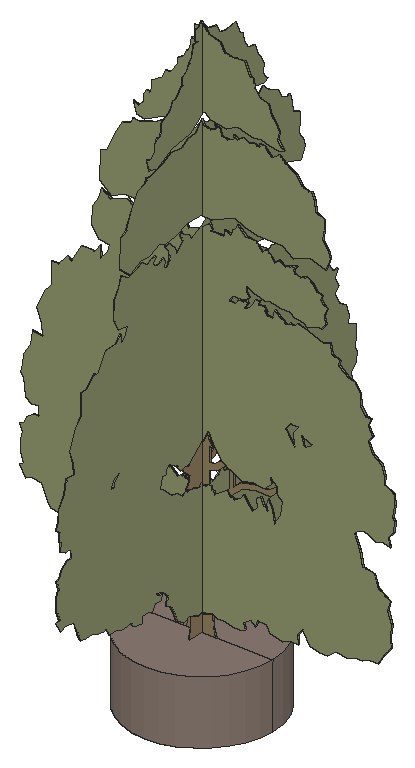
Revit family "L-PLT_가이즈까향나무", category 수목, Revit 2019
Family settings
  OmniClass 번호 = 23.40.05.00
  OmniClass 제목 = Plants and Planting Products
  작업 기준면 기반 = 아니오
  항상 수직 = 예
  로드될 때 보이드를 사용하여 절단 = 아니오
  렌더 모양 소스 = 패밀리 형상
  공유 = 아니오
Parameters (values of type "가이즈까향나무 5.0H X 15B")
  한국산업규격KS = ""
  콘 높이 = 뿌리분 직경 / 4  # 272.5 mm
  조달청표준공사코드-세부공종 = "10161599202809"
  뿌리분 직경 = (24 mm + ((R / 10) - 3 mm) * 5) * 10  # 1090 mm
  뿌리분 높이 = 뿌리분 직경 / 2  # 545 mm
  높이 = 5000 mm
  건설정보분류체계-부위분류 = "E985"
  R = 200 mm
  LIM_INFO_주의사항 = "재배포, 재가공, 판매 금지"
  LIM_INFO_제작일 = "20211210"
  LIM_INFO_버전 = "2022_V01"
  LIM_INFO_PL_학명 = "Juniperus chinensis var. Kaizuka Sieb."
  LIM_INFO_PL_품명 = "가이즈까향나무"
  LIM_INFO_PL_주당인정수량 = 0
  LIM_INFO_PL_수목단위 = "주"
  LIM_INFO_PL_규격 = "5.0H X 15B"
  LIM_INFO_PL_구분 = "상록교목"
  LIM_INFO_PL_가격 = 0
  LIM_INFO_PL_Qty [instance] = 0
  LIM_INFO_PL_M2당수량 = 0
  KBIMS_식별-버전 = ""
  KBIMS_식별-bSK등록번호 = ""
  KBIMS_보급정보-저작자 = "림인포테크_MMJ"
  KBIMS_보급정보-보급코드 = ""
  H = 높이  # 5000 mm
Types (5, lengths in mm): name | 높이 | LIM_INFO_PL_규격 | H
  가이즈까향나무 5.0H X 15B | 5000 | "5.0H X 15B" | 5000
  가이즈까향나무 4.0H X 8B | 4000 | "4.0H X 8B" | 4000
  가이즈까향나무 3.0H X 5B | 3000 | "3.0H X 5B" | 3000
  가이즈까향나무 2.5H X 4B | 2500 | "2.5H X 4.0B" | 2500
  가이즈까향나무 3.5H X 6B | 3500 | "3.5H X 6B" | 3500
Reference planes
  plane 1 "중심(앞/뒤)": y = 0
  plane 2: z = 0
  plane 3 "중심(왼쪽/오른쪽)": x = 0
  plane 4: x = 482.5
  plane 5: x = -607.5
  plane 6: z = -545
  plane 7: z = -817.5
  plane 8: z = 5000
  plane 9: x = -100
  plane 10: x = 100
Forms (mm)
  Revolve 1, solid, material "흙"
    sketch origin (0, 0, 0) x (1, 0, 0) y (0, 0, 1)
      loop
        line (0, 0) -> (-607.5, 0) -> (-607.5, -545) -> (0, -545) -> (0, 0)
      axis (0, 0) -> (0, -545)
    angle from 0 to 360
  Revolve 2, solid, material "흙"
    sketch origin (0, 0, 0) x (1, 0, 0) y (0, 0, 1)
      loop
        line (0, -545) -> (-607.5, -545) -> (0, -817.5) -> (0, -545)
      axis (0, -545) -> (0, -817.5)
    angle from 0 to 360
Dimensions and locks
  "뿌리분 직경": plane 4 to plane 5
  "뿌리분 높이": plane 6 to level
  "콘 높이": plane 7 to plane 6
  "H": level to plane 8
  "R": plane 9 to plane 10
  aligned and locked: level to plane 2
Automatic sketch dimensions
  Revolve 1 sketch curve to level = 0 mm  (x2)
  Revolve 1 sketch curve to plane 5 = 0 mm
  Revolve 1 sketch curve to plane 3 "중심(왼쪽/오른쪽)" = 0 mm  (x2)
  Revolve 1 sketch curve to plane 6 = 0 mm  (x2)
  Revolve 2 sketch curve to plane 5 = 0 mm
  Revolve 2 sketch curve to plane 3 "중심(왼쪽/오른쪽)" = 0 mm  (x2)
  Revolve 2 sketch curve to plane 7 = 0 mm  (x2)
  Revolve 2 sketch curve to plane 6 = 0 mm  (x2)
Nested families
  nested 1: "가이즈까향나무_base" at (0, 0, 0), type "가이즈까향나무_base"
Definition of nested family "가이즈까향나무_base"
  Parameters (values of type "가이즈까향나무_base")
    Height = 6000 mm
  Reference planes
    plane 1 "중심(앞/뒤)": y = 0
    plane 2: z = 0
    plane 3 "중심(왼쪽/오른쪽)": x = 0
  Forms (mm)
    Revolve 1, solid, detail levels coarse
      sketch origin (0, 0, 0) x (1, 0, 0) y (0, 0, 1)
        loop
          line (0, 0) -> (0, 4500) -> (-585.248, 3777.279) -> (-493.51, 3732.535) -> (-992.845, 2708.747) -> (-890.865, 2659.009) -> (-1427.578, 1558.585) -> (-1293.09, 1506.96) -> (-1622.789, 648.066) -> (-100, 648.066) -> (-100, 0) -> (0, 0)
        axis (0, 4500) -> (0, 0)
      angle from 0 to 360
    Extrusion 2, solid, detail levels fine
      sketch origin (0, 0, 0) x (1, 0, 0) y (0, 0, 1)
        loop
          line (370.261, 4474.127) -> (275.795, 4461.774) -> (199.87, 4475.892) -> (163.672, 4540.305) -> (70.09, 4561.482) -> (-0.288, 4648.509) -> (-18.288, 4611.676) -> (-57.666, 4599.307) -> (-57.11, 4521.587) -> (-37.484, 4501.972) -> (-80.662, 4496.927) -> (-95.242, 4409.497) -> (-126.084, 4382.035) -> (-149.635, 4327.11) -> (-195.618, 4299.648) -> (-199.543, 4247.526) -> (-260.105, 4169.623) -> (-299.919, 4166.821) -> (-325.153, 4105.732) -> (-421.628, 4046.901) -> (-421.069, 3999.413) -> (-429.454, 3956.395) -> (-462.434, 3956.395) -> (-489.824, 3917.288) -> (-488.706, 3857.51) -> (-530.63, 3825.665) -> (-573.671, 3839.073) -> (-557.461, 3777.619) -> (-550.194, 3746.892) -> (-475.291, 3733.484) -> (-313.186, 3815.05) -> (-126.486, 3844.101) -> (-47.67, 3892.148) -> (34.5, 3964.775) -> (78.66, 3921.757) -> (218.405, 3903.321) -> (306.904, 3950.955) -> (375.1, 3923.515) -> (449.496, 3918.204) -> (514.149, 3926.17) -> (578.803, 3902.27) -> (658.513, 3886.337) -> (706.338, 3904.041) -> (677.997, 3930.596) -> (650.542, 3973.97) -> (666.484, 4035.932) -> (632.828, 4099.665) -> (596.272, 4137.061) -> (572.435, 4215.592) -> (492.978, 4233.239) -> (451.483, 4295.005) -> (442.655, 4358.536) -> (412.638, 4375.301) -> (370.261, 4474.127)
        loop
          line (939.833, 3678.675) -> (916.325, 3667.831) -> (853.94, 3691.326) -> (815.062, 3761.81) -> (721.032, 3809.703) -> (664.071, 3859.403) -> (605.302, 3816.932) -> (569.137, 3852.174) -> (535.835, 3885.156) -> (501.038, 3886.071) -> (507.448, 3849.463) -> (455.254, 3869.597) -> (400.312, 3859.53) -> (357.274, 3882.41) -> (314.237, 3854.954) -> (277.609, 3875.089) -> (281.272, 3837.566) -> (228.161, 3824.753) -> (174.135, 3832.074) -> (162.231, 3877.834) -> (112.784, 3897.968) -> (128.35, 3870.513) -> (81.65, 3847.633) -> (25.793, 3866.852) -> (7.479, 3898.884) -> (-46.993, 3816.019) -> (-132.796, 3809.633) -> (-196.691, 3767.668) -> (-317.179, 3785.001) -> (-410.284, 3733.913) -> (-531.686, 3698.334) -> (-580.976, 3704.72) -> (-587.366, 3666.403) -> (-668.604, 3641.772) -> (-734.325, 3529.56) -> (-805.523, 3384.505) -> (-848.424, 3365.347) -> (-862.235, 3133.957) -> (-763.056, 3052.111) -> (-645.679, 3105.766) -> (-557.419, 3097.581) -> (-436.402, 3146.689) -> (-383.628, 3111.222) -> (-278.08, 3128.501) -> (-137.956, 3170.333) -> (96.798, 3167.605) -> (285.146, 3253.089) -> (376.136, 3203.981) -> (481.684, 3181.246) -> (696.42, 3183.065) -> (789.23, 3115.769) -> (922.985, 3173.061) -> (1058.559, 3126.682) -> (1096.775, 3218.531) -> (1083.127, 3270.367) -> (1033.992, 3344.029) -> (1044.713, 3433.788) -> (1045.617, 3499.754) -> (973.286, 3535.9) -> (965.149, 3614.516) -> (939.833, 3678.675)
        loop
          line (-1205.138, 2379.796) -> (-1268.067, 2376.652) -> (-1266.494, 2197.401) -> (-1329.423, 2129.789) -> (-1392.353, 1983.558) -> (-1351.448, 1875.064) -> (-1340.436, 1782.294) -> (-1430.11, 1791.728) -> (-1448.565, 1677.796) -> (-1507.389, 1587.649) -> (-1512.291, 1500.44) -> (-1534.84, 1440.668) -> (-1504.448, 1414.212) -> (-1491.702, 1267.232) -> (-1437.78, 1232.937) -> (-1380.917, 1237.836) -> (-1375.034, 1164.346) -> (-1417.192, 1162.386) -> (-1481.575, 1113.416) -> (-1501.903, 1064.073) -> (-1535.784, 1052.463) -> (-1515.456, 987.641) -> (-1532.88, 930.559) -> (-1533.848, 828.004) -> (-1505.775, 746.734) -> (-1538.916, 740.177) -> (-1484.878, 654.342) -> (-1442.42, 670.738) -> (-1349.784, 660.129) -> (-1301.536, 537.646) -> (-1277.412, 498.105) -> (-1220.48, 485.567) -> (-1159.687, 490.389) -> (-1085.385, 460.492) -> (-1028.453, 450.848) -> (-1000.469, 471.101) -> (-997.574, 450.848) -> (-973.45, 407.448) -> (-895.794, 413.758) -> (-843.646, 389.232) -> (-793.032, 390.764) -> (-748.553, 401.495) -> (-724.012, 364.705) -> (-681.067, 344.777) -> (-630.452, 337.112) -> (-627.385, 393.83) -> (-561.433, 401.495) -> (-523.089, 373.902) -> (-492.413, 432.154) -> (-434.13, 432.154) -> (-418.793, 470.477) -> (-460.204, 475.076) -> (-484.745, 505.734) -> (-420.326, 495.004) -> (-358.976, 435.219) -> (-369.712, 364.705) -> (-322.165, 335.579) -> (-296.091, 284.992) -> (-263.882, 200.681) -> (-184.126, 153.161) -> (-118.174, 176.154) -> (-84.431, 157.759) -> (-27.682, 143.963) -> (100.498, 176.909) -> (137.834, 152.033) -> (188.572, 152.033) -> (268.03, 135.767) -> (328.342, 130.026) -> (374.294, 146.292) -> (361.848, 198.916) -> (420.245, 237.188) -> (464.282, 205.614) -> (483.429, 252.497) -> (553.085, 246.067) -> (578.994, 195.8) -> (696.347, 169.906) -> (743.592, 195.8) -> (825.891, 194.277) -> (821.319, 265.869) -> (860.945, 320.705) -> (924.955, 223.218) -> (1005.73, 194.277) -> (1072.789, 197.324) -> (1138.323, 252.16) -> (1237.387, 238.451) -> (1305.969, 261.299) -> (1374.552, 265.869) -> (1417.225, 290.24) -> (1504.097, 290.24) -> (1558.963, 372.494) -> (1616.877, 442.563) -> (1606.208, 521.77) -> (1618.401, 620.78) -> (1586.396, 721.312) -> (1604.684, 789.857) -> (1507.145, 861.449) -> (1469.043, 955.889) -> (1374.552, 980.26) -> (1348.643, 1099.072) -> (1299.228, 1213.579) -> (1343.216, 1239.351) -> (1376.586, 1256.026) -> (1429.674, 1230.255) -> (1484.279, 1204.483) -> (1532.817, 1224.191) -> (1605.624, 1207.515) -> (1588.939, 1271.186) -> (1635.961, 1330.31) -> (1646.578, 1415.205) -> (1628.377, 1444.008) -> (1643.545, 1537.999) -> (1642.028, 1622.895) -> (1554.053, 1662.31) -> (1560.12, 1727.497) -> (1534.334, 1812.393) -> (1456.977, 1866.968) -> (1419.962, 1947.938) -> (1456.943, 1993.429) -> (1420.91, 2069.248) -> (1446.513, 2130.85) -> (1397.204, 2130.85) -> (1354.532, 2199.087) -> (1351.688, 2292.912) -> (1300.482, 2360.201) -> (1255.914, 2375.365) -> (1170.572, 2437.915) -> (1177.21, 2474.877) -> (1109.884, 2505.204) -> (1097.557, 2580.075) -> (1030.231, 2557.329) -> (870.729, 2617.621) -> (821.213, 2630.43) -> (790.921, 2605.976) -> (753.638, 2611.217) -> (728.006, 2587.928) -> (681.986, 2622.861) -> (626.062, 2664.781) -> (611.498, 2604.812) -> (563.73, 2605.394) -> (542.175, 2632.759) -> (564.312, 2633.341) -> (536.35, 2664.781) -> (485.669, 2657.794) -> (497.902, 2688.07) -> (461.202, 2688.07) -> (436.735, 2644.986) -> (399.453, 2594.914) -> (367.413, 2593.75) -> (397.122, 2632.177) -> (390.715, 2658.959) -> (363.335, 2642.074) -> (320.432, 2640.835) -> (292.522, 2598.992) -> (239.723, 2604.187) -> (272.951, 2650.311) -> (312.64, 2650.311) -> (358.789, 2652.156) -> (411.4, 2687.211) -> (383.71, 2725.033) -> (383.71, 2763.777) -> (450.166, 2737.025) -> (536.927, 2708.428) -> (575.693, 2722.265) -> (613.536, 2708.428) -> (685.529, 2700.126) -> (753.831, 2700.126) -> (790.751, 2665.071) -> (832.285, 2664.149) -> (873.82, 2660.459) -> (902.433, 2631.861) -> (977.196, 2663.226) -> (1027.037, 2664.149) -> (1057.496, 2708.428) -> (1044.574, 2765.622) -> (1072.264, 2832.042) -> (1043.651, 2852.336) -> (1018.73, 2880.934) -> (1027.96, 2914.143) -> (980.888, 2934.438) -> (952.275, 2977.795) -> (894.126, 3014.695) -> (850.745, 2993.477) -> (790.751, 3001.78) -> (787.982, 3034.067) -> (819.364, 3065.432) -> (767.676, 3052.517) -> (717.834, 3029.455) -> (667.069, 3059.897) -> (623.689, 3026.687) -> (605.229, 3058.052) -> (554.464, 3102.331) -> (521.236, 3074.656) -> (461.242, 3134.618) -> (380.018, 3141.998) -> (310.794, 3203.805) -> (294.205, 3168.751) -> (267.48, 3151.934) -> (258.572, 3100.493) -> (244.715, 3115.332) -> (202.154, 3129.181) -> (204.134, 3072.794) -> (163.552, 3080.708) -> (83.38, 3078.73) -> (96.247, 3091.59) -> (73.482, 3132.149) -> (8.156, 3083.676) -> (-74.152, 3046.323) -> (-104.186, 3036.844) -> (-131.059, 3074.761) -> (-194.289, 3107.938) -> (-206.935, 3133.216) -> (-219.581, 3109.518) -> (-194.289, 3049.483) -> (-260.68, 2981.548) -> (-276.488, 3043.163) -> (-334.976, 3098.459) -> (-376.075, 3090.56) -> (-342.879, 3049.483) -> (-338.137, 2984.708) -> (-357.106, 2923.092) -> (-401.367, 2948.37) -> (-388.721, 2983.128) -> (-396.625, 3014.725) -> (-445.628, 2991.027) -> (-483.566, 2997.347) -> (-512.019, 3024.205) -> (-481.985, 3068.441) -> (-523.085, 3065.282) -> (-570.507, 3040.003) -> (-622.672, 3077.921) -> (-679.578, 3054.222) -> (-766.52, 3027.364) -> (-843.976, 3079.5) -> (-872.43, 2995.767) -> (-916.691, 2918.352) -> (-926.175, 2773.003) -> (-872.43, 2682.95) -> (-777.282, 2668.333) -> (-796.221, 2611.547) -> (-848.303, 2546.875) -> (-856.194, 2639.94) -> (-895.65, 2584.732) -> (-1010.862, 2581.577) -> (-1095.011, 2434.829) -> (-1134.342, 2459.987) -> (-1205.138, 2379.796)
        loop
          line (762.119, 1854.114) -> (715.051, 1796.121) -> (792.573, 1688.802) -> (789.78, 1794.895) -> (833.267, 1854.114) -> (762.119, 1854.114)
        loop
          line (-850.97, 1596.539) -> (-932.509, 1573.289) -> (-962.386, 1517.498) -> (-912.07, 1490.552) -> (-912.07, 1528.276) -> (-850.97, 1596.539)
        loop
          line (875.013, 1705.097) -> (957.804, 1749.926) -> (857.765, 1794.754) -> (875.013, 1705.097)
        loop
          line (-246.379, 1160.2) -> (-197.028, 1118.992) -> (-162.044, 1139.596) -> (-101.449, 1125.236) -> (-65.841, 1122.114) -> (-48.974, 1113.373) -> (-28.359, 1113.373) -> (1.002, 1132.728) -> (17.869, 1119.617) -> (55.351, 1140.22) -> (87.835, 1138.347) -> (87.835, 1112.124) -> (110.324, 1112.749) -> (114.318, 1079.85) -> (192.392, 1130.809) -> (224.259, 1159.473) -> (246.566, 1119.661) -> (286.4, 1108.514) -> (340.573, 1130.809) -> (364.474, 1172.213) -> (393.154, 1124.439) -> (436.174, 1076.665) -> (483.975, 1108.514) -> (472.821, 1181.768) -> (509.468, 1205.655) -> (533.369, 1143.549) -> (570.016, 1116.477) -> (554.082, 1164.251) -> (571.609, 1210.433) -> (606.663, 1141.956) -> (627.376, 1040.038) -> (678.363, 1124.439) -> (689.517, 1229.542) -> (646.496, 1272.539) -> (649.683, 1336.238) -> (592.322, 1380.828) -> (598.696, 1336.238) -> (530.182, 1277.317) -> (436.174, 1296.426) -> (342.167, 1272.539) -> (182.832, 1350.571) -> (128.658, 1423.824) -> (104.758, 1471.599) -> (61.738, 1552.815) -> (10.853, 1446.821) -> (-124.33, 1341.96) -> (-215.125, 1320.787) -> (-266.575, 1384.308) -> (-339.211, 1429.681) -> (-372.502, 1401.449) -> (-372.502, 1363.134) -> (-422.944, 1363.134) -> (-438.786, 1274.457) -> (-402.554, 1258.848) -> (-315.096, 1178.306) -> (-246.379, 1160.2)
      from 0 to 5
    Extrusion 3, solid, detail levels fine
      sketch origin (0, 0, 0) x (1, 0, 0) y (0, 0, 1)
        loop
          line (-124.345, 1194.073) -> (-153.097, 1145.734) -> (-99.103, 1131.534) -> (-64.041, 1130.311) -> (-45.286, 1119.307) -> (-31.016, 1118.084) -> (-0.031, 1141.315) -> (19.131, 1127.458) -> (68.949, 1152.306) -> (72.07, 1256.297) -> (134.487, 1276.056) -> (205.365, 1333.088) -> (179.747, 1346.502) -> (166.327, 1361.543) -> (111.17, 1317.608) -> (73.643, 1321.489) -> (76.231, 1433.383) -> (89.171, 1430.796) -> (96.289, 1447.612) -> (69.761, 1481.245) -> (60.056, 1531.694) -> (17.352, 1443.731) -> (-123.698, 1330.544) -> (-117.875, 1309.2) -> (-159.284, 1325.37) -> (-191.635, 1317.608) -> (-176.106, 1285.916) -> (-124.345, 1243.875) -> (-124.345, 1194.073)
        loop
          line (280.265, 1204.835) -> (278.68, 1298.315) -> (239.562, 1318.21) -> (245.903, 1175.304) -> (227.591, 1159.567) -> (249.369, 1122.599) -> (352.508, 1212.144) -> (470.849, 1235.969) -> (590.835, 1238.022) -> (642.61, 1283.206) -> (645.075, 1329.622) -> (585.493, 1285.67) -> (545.224, 1284.027) -> (527.144, 1270.472) -> (465.508, 1283.617) -> (341.824, 1257.739) -> (280.265, 1204.835)
        loop
          line (-125, 0) -> (125, 0) -> (102.721, 76.829) -> (100.694, 165.285) -> (-18.867, 135.574) -> (-81.687, 150.43) -> (-108.031, 162.584) -> (-108.706, 94.385) -> (-125, 0)
      from 0 to 5
    Extrusion 4, solid, detail levels fine
      sketch origin (-3.998, -6.002, 0) x (0, 1, 0) y (0, 0, 1)
        loop
          line (370.261, 4474.127) -> (275.795, 4461.774) -> (199.87, 4475.892) -> (163.672, 4540.305) -> (70.09, 4561.482) -> (-0.288, 4648.509) -> (-18.288, 4611.676) -> (-57.666, 4599.307) -> (-57.11, 4521.587) -> (-37.484, 4501.972) -> (-80.662, 4496.927) -> (-95.242, 4409.497) -> (-126.084, 4382.035) -> (-149.635, 4327.11) -> (-195.618, 4299.648) -> (-199.543, 4247.526) -> (-260.105, 4169.623) -> (-299.919, 4166.821) -> (-325.153, 4105.732) -> (-421.628, 4046.901) -> (-421.069, 3999.413) -> (-429.454, 3956.395) -> (-462.434, 3956.395) -> (-489.824, 3917.288) -> (-488.706, 3857.51) -> (-530.63, 3825.665) -> (-573.671, 3839.073) -> (-557.461, 3777.619) -> (-550.194, 3746.892) -> (-475.291, 3733.484) -> (-313.186, 3815.05) -> (-126.486, 3844.101) -> (-47.67, 3892.148) -> (34.5, 3964.775) -> (78.66, 3921.757) -> (218.405, 3903.321) -> (306.904, 3950.955) -> (375.1, 3923.515) -> (449.496, 3918.204) -> (514.149, 3926.17) -> (578.803, 3902.27) -> (658.513, 3886.337) -> (706.338, 3904.041) -> (677.997, 3930.596) -> (650.542, 3973.97) -> (666.484, 4035.932) -> (632.828, 4099.665) -> (596.272, 4137.061) -> (572.435, 4215.592) -> (492.978, 4233.239) -> (451.483, 4295.005) -> (442.655, 4358.536) -> (412.638, 4375.301) -> (370.261, 4474.127)
        loop
          line (939.833, 3678.675) -> (916.325, 3667.831) -> (853.94, 3691.326) -> (815.062, 3761.81) -> (721.032, 3809.703) -> (664.071, 3859.403) -> (605.302, 3816.932) -> (569.137, 3852.174) -> (535.835, 3885.156) -> (501.038, 3886.071) -> (507.448, 3849.463) -> (455.254, 3869.597) -> (400.312, 3859.53) -> (357.274, 3882.41) -> (314.237, 3854.954) -> (277.609, 3875.089) -> (281.272, 3837.566) -> (228.161, 3824.753) -> (174.135, 3832.074) -> (162.231, 3877.834) -> (112.784, 3897.968) -> (128.35, 3870.513) -> (81.65, 3847.633) -> (25.793, 3866.852) -> (7.479, 3898.884) -> (-46.993, 3816.019) -> (-132.796, 3809.633) -> (-196.691, 3767.668) -> (-317.179, 3785.001) -> (-410.284, 3733.913) -> (-531.686, 3698.334) -> (-580.976, 3704.72) -> (-587.366, 3666.403) -> (-668.604, 3641.772) -> (-734.325, 3529.56) -> (-805.523, 3384.505) -> (-848.424, 3365.347) -> (-862.235, 3133.957) -> (-763.056, 3052.111) -> (-645.679, 3105.766) -> (-557.419, 3097.581) -> (-436.402, 3146.689) -> (-383.628, 3111.222) -> (-278.08, 3128.501) -> (-137.956, 3170.333) -> (96.798, 3167.605) -> (285.146, 3253.089) -> (376.136, 3203.981) -> (481.684, 3181.246) -> (696.42, 3183.065) -> (789.23, 3115.769) -> (922.985, 3173.061) -> (1058.559, 3126.682) -> (1096.775, 3218.531) -> (1083.127, 3270.367) -> (1033.992, 3344.029) -> (1044.713, 3433.788) -> (1045.617, 3499.754) -> (973.286, 3535.9) -> (965.149, 3614.516) -> (939.833, 3678.675)
        loop
          line (-1205.138, 2379.796) -> (-1268.067, 2376.652) -> (-1266.494, 2197.401) -> (-1329.423, 2129.789) -> (-1392.353, 1983.558) -> (-1351.448, 1875.064) -> (-1340.436, 1782.294) -> (-1430.11, 1791.728) -> (-1448.565, 1677.796) -> (-1507.389, 1587.649) -> (-1512.291, 1500.44) -> (-1534.84, 1440.668) -> (-1504.448, 1414.212) -> (-1491.702, 1267.232) -> (-1437.78, 1232.937) -> (-1380.917, 1237.836) -> (-1375.034, 1164.346) -> (-1417.192, 1162.386) -> (-1481.575, 1113.416) -> (-1501.903, 1064.073) -> (-1535.784, 1052.463) -> (-1515.456, 987.641) -> (-1532.88, 930.559) -> (-1533.848, 828.004) -> (-1505.775, 746.734) -> (-1538.916, 740.177) -> (-1484.878, 654.342) -> (-1442.42, 670.738) -> (-1349.784, 660.129) -> (-1301.536, 537.646) -> (-1277.412, 498.105) -> (-1220.48, 485.567) -> (-1159.687, 490.389) -> (-1085.385, 460.492) -> (-1028.453, 450.848) -> (-1000.469, 471.101) -> (-997.574, 450.848) -> (-973.45, 407.448) -> (-895.794, 413.758) -> (-843.646, 389.232) -> (-793.032, 390.764) -> (-748.553, 401.495) -> (-724.012, 364.705) -> (-681.067, 344.777) -> (-630.452, 337.112) -> (-627.385, 393.83) -> (-561.433, 401.495) -> (-523.089, 373.902) -> (-492.413, 432.154) -> (-434.13, 432.154) -> (-418.793, 470.477) -> (-460.204, 475.076) -> (-484.745, 505.734) -> (-420.326, 495.004) -> (-358.976, 435.219) -> (-369.712, 364.705) -> (-322.165, 335.579) -> (-296.091, 284.992) -> (-263.882, 200.681) -> (-184.126, 153.161) -> (-118.174, 176.154) -> (-84.431, 157.759) -> (-27.682, 143.963) -> (100.498, 176.909) -> (137.834, 152.033) -> (188.572, 152.033) -> (268.03, 135.767) -> (328.342, 130.026) -> (374.294, 146.292) -> (361.848, 198.916) -> (420.245, 237.188) -> (464.282, 205.614) -> (483.429, 252.497) -> (553.085, 246.067) -> (578.994, 195.8) -> (696.347, 169.906) -> (743.592, 195.8) -> (825.891, 194.277) -> (821.319, 265.869) -> (860.945, 320.705) -> (924.955, 223.218) -> (1005.73, 194.277) -> (1072.789, 197.324) -> (1138.323, 252.16) -> (1237.387, 238.451) -> (1305.969, 261.299) -> (1374.552, 265.869) -> (1417.225, 290.24) -> (1504.097, 290.24) -> (1558.963, 372.494) -> (1616.877, 442.563) -> (1606.208, 521.77) -> (1618.401, 620.78) -> (1586.396, 721.312) -> (1604.684, 789.857) -> (1507.145, 861.449) -> (1469.043, 955.889) -> (1374.552, 980.26) -> (1348.643, 1099.072) -> (1299.228, 1213.579) -> (1343.216, 1239.351) -> (1376.586, 1256.026) -> (1429.674, 1230.255) -> (1484.279, 1204.483) -> (1532.817, 1224.191) -> (1605.624, 1207.515) -> (1588.939, 1271.186) -> (1635.961, 1330.31) -> (1646.578, 1415.205) -> (1628.377, 1444.008) -> (1643.545, 1537.999) -> (1642.028, 1622.895) -> (1554.053, 1662.31) -> (1560.12, 1727.497) -> (1534.334, 1812.393) -> (1456.977, 1866.968) -> (1419.962, 1947.938) -> (1456.943, 1993.429) -> (1420.91, 2069.248) -> (1446.513, 2130.85) -> (1397.204, 2130.85) -> (1354.532, 2199.087) -> (1351.688, 2292.912) -> (1300.482, 2360.201) -> (1255.914, 2375.365) -> (1170.572, 2437.915) -> (1177.21, 2474.877) -> (1109.884, 2505.204) -> (1097.557, 2580.075) -> (1030.231, 2557.329) -> (870.729, 2617.621) -> (821.213, 2630.43) -> (790.921, 2605.976) -> (753.638, 2611.217) -> (728.006, 2587.928) -> (681.986, 2622.861) -> (626.062, 2664.781) -> (611.498, 2604.812) -> (563.73, 2605.394) -> (542.175, 2632.759) -> (564.312, 2633.341) -> (536.35, 2664.781) -> (485.669, 2657.794) -> (497.902, 2688.07) -> (461.202, 2688.07) -> (436.735, 2644.986) -> (399.453, 2594.914) -> (367.413, 2593.75) -> (397.122, 2632.177) -> (390.715, 2658.959) -> (363.335, 2642.074) -> (320.432, 2640.835) -> (292.522, 2598.992) -> (239.723, 2604.187) -> (272.951, 2650.311) -> (312.64, 2650.311) -> (358.789, 2652.156) -> (411.4, 2687.211) -> (383.71, 2725.033) -> (383.71, 2763.777) -> (450.166, 2737.025) -> (536.927, 2708.428) -> (575.693, 2722.265) -> (613.536, 2708.428) -> (685.529, 2700.126) -> (753.831, 2700.126) -> (790.751, 2665.071) -> (832.285, 2664.149) -> (873.82, 2660.459) -> (902.433, 2631.861) -> (977.196, 2663.226) -> (1027.037, 2664.149) -> (1057.496, 2708.428) -> (1044.574, 2765.622) -> (1072.264, 2832.042) -> (1043.651, 2852.336) -> (1018.73, 2880.934) -> (1027.96, 2914.143) -> (980.888, 2934.438) -> (952.275, 2977.795) -> (894.126, 3014.695) -> (850.745, 2993.477) -> (790.751, 3001.78) -> (787.982, 3034.067) -> (819.364, 3065.432) -> (767.676, 3052.517) -> (717.834, 3029.455) -> (667.069, 3059.897) -> (623.689, 3026.687) -> (605.229, 3058.052) -> (554.464, 3102.331) -> (521.236, 3074.656) -> (461.242, 3134.618) -> (380.018, 3141.998) -> (310.794, 3203.805) -> (294.205, 3168.751) -> (267.48, 3151.934) -> (258.572, 3100.493) -> (244.715, 3115.332) -> (202.154, 3129.181) -> (204.134, 3072.794) -> (163.552, 3080.708) -> (83.38, 3078.73) -> (96.247, 3091.59) -> (73.482, 3132.149) -> (8.156, 3083.676) -> (-74.152, 3046.323) -> (-104.186, 3036.844) -> (-131.059, 3074.761) -> (-194.289, 3107.938) -> (-206.935, 3133.216) -> (-219.581, 3109.518) -> (-194.289, 3049.483) -> (-260.68, 2981.548) -> (-276.488, 3043.163) -> (-334.976, 3098.459) -> (-376.075, 3090.56) -> (-342.879, 3049.483) -> (-338.137, 2984.708) -> (-357.106, 2923.092) -> (-401.367, 2948.37) -> (-388.721, 2983.128) -> (-396.625, 3014.725) -> (-445.628, 2991.027) -> (-483.566, 2997.347) -> (-512.019, 3024.205) -> (-481.985, 3068.441) -> (-523.085, 3065.282) -> (-570.507, 3040.003) -> (-622.672, 3077.921) -> (-679.578, 3054.222) -> (-766.52, 3027.364) -> (-843.976, 3079.5) -> (-872.43, 2995.767) -> (-916.691, 2918.352) -> (-926.175, 2773.003) -> (-872.43, 2682.95) -> (-777.282, 2668.333) -> (-796.221, 2611.547) -> (-848.303, 2546.875) -> (-856.194, 2639.94) -> (-895.65, 2584.732) -> (-1010.862, 2581.577) -> (-1095.011, 2434.829) -> (-1134.342, 2459.987) -> (-1205.138, 2379.796)
        loop
          line (762.119, 1854.114) -> (715.051, 1796.121) -> (792.573, 1688.802) -> (789.78, 1794.895) -> (833.267, 1854.114) -> (762.119, 1854.114)
        loop
          line (-850.97, 1596.539) -> (-932.509, 1573.289) -> (-962.386, 1517.498) -> (-912.07, 1490.552) -> (-912.07, 1528.276) -> (-850.97, 1596.539)
        loop
          line (875.013, 1705.097) -> (957.804, 1749.926) -> (857.765, 1794.754) -> (875.013, 1705.097)
        loop
          line (-246.379, 1160.2) -> (-197.028, 1118.992) -> (-162.044, 1139.596) -> (-101.449, 1125.236) -> (-65.841, 1122.114) -> (-48.974, 1113.373) -> (-28.359, 1113.373) -> (1.002, 1132.728) -> (17.869, 1119.617) -> (55.351, 1140.22) -> (87.835, 1138.347) -> (87.835, 1112.124) -> (110.324, 1112.749) -> (114.318, 1079.85) -> (192.392, 1130.809) -> (224.259, 1159.473) -> (246.566, 1119.661) -> (286.4, 1108.514) -> (340.573, 1130.809) -> (364.474, 1172.213) -> (393.154, 1124.439) -> (436.174, 1076.665) -> (483.975, 1108.514) -> (472.821, 1181.768) -> (509.468, 1205.655) -> (533.369, 1143.549) -> (570.016, 1116.477) -> (554.082, 1164.251) -> (571.609, 1210.433) -> (606.663, 1141.956) -> (627.376, 1040.038) -> (678.363, 1124.439) -> (689.517, 1229.542) -> (646.496, 1272.539) -> (649.683, 1336.238) -> (592.322, 1380.828) -> (598.696, 1336.238) -> (530.182, 1277.317) -> (436.174, 1296.426) -> (342.167, 1272.539) -> (182.832, 1350.571) -> (128.658, 1423.824) -> (104.758, 1471.599) -> (61.738, 1552.815) -> (10.853, 1446.821) -> (-124.33, 1341.96) -> (-215.125, 1320.787) -> (-266.575, 1384.308) -> (-339.211, 1429.681) -> (-372.502, 1401.449) -> (-372.502, 1363.134) -> (-422.944, 1363.134) -> (-438.786, 1274.457) -> (-402.554, 1258.848) -> (-315.096, 1178.306) -> (-246.379, 1160.2)
      from 0 to 5
    Extrusion 5, solid, detail levels fine
      sketch origin (-3.998, -6.002, 0) x (0, 1, 0) y (0, 0, 1)
        loop
          line (-124.345, 1194.073) -> (-153.097, 1145.734) -> (-99.103, 1131.534) -> (-64.041, 1130.311) -> (-45.286, 1119.307) -> (-31.016, 1118.084) -> (-0.031, 1141.315) -> (19.131, 1127.458) -> (68.949, 1152.306) -> (72.07, 1256.297) -> (134.487, 1276.056) -> (205.365, 1333.088) -> (179.747, 1346.502) -> (166.327, 1361.543) -> (111.17, 1317.608) -> (73.643, 1321.489) -> (76.231, 1433.383) -> (89.171, 1430.796) -> (96.289, 1447.612) -> (69.761, 1481.245) -> (60.056, 1531.694) -> (17.352, 1443.731) -> (-123.698, 1330.544) -> (-117.875, 1309.2) -> (-159.284, 1325.37) -> (-191.635, 1317.608) -> (-176.106, 1285.916) -> (-124.345, 1243.875) -> (-124.345, 1194.073)
        loop
          line (280.265, 1204.835) -> (278.68, 1298.315) -> (239.562, 1318.21) -> (245.903, 1175.304) -> (227.591, 1159.567) -> (249.369, 1122.599) -> (352.508, 1212.144) -> (470.849, 1235.969) -> (590.835, 1238.022) -> (642.61, 1283.206) -> (645.075, 1329.622) -> (585.493, 1285.67) -> (545.224, 1284.027) -> (527.144, 1270.472) -> (465.508, 1283.617) -> (341.824, 1257.739) -> (280.265, 1204.835)
        loop
          line (-125, 0) -> (125, 0) -> (102.721, 76.829) -> (100.694, 165.285) -> (-18.867, 135.574) -> (-81.687, 150.43) -> (-108.031, 162.584) -> (-108.706, 94.385) -> (-125, 0)
      from 0 to 5
  Lines and regions (mm)
    symbolic lines
      curve 1: arc (-226.107, 80.027, 0) -> (-240.26, 152.194, 0) -> (-259.331, 223.22, 0) r 1071.206
      curve 2: arc (-259.331, 223.22, 0) -> (-269.552, 247.955, 0) -> (-284.271, 270.308, 0) r 140.756
      curve 3: arc (-284.271, 270.308, 0) -> (-304.162, 287.73, 0) -> (-328.802, 297.324, 0) r 76.371
      curve 4: arc (-328.802, 297.324, 0) -> (-385.667, 304.136, 0) -> (-442.899, 302.022, 0) r 367.106
      curve 5: arc (-442.899, 302.022, 0) -> (-504.781, 285.929, 0) -> (-559.842, 253.424, 0) r 230.05
      curve 6: arc (-559.842, 253.424, 0) -> (-616.848, 219.354, 0) -> (-680.841, 201.596, 0) r 248.546
      curve 7: arc (-680.841, 201.596, 0) -> (-742.796, 197.223, 0) -> (-804.786, 201.074, 0) r 469.142
      curve 8: arc (-804.786, 201.074, 0) -> (-826.79, 208.182, 0) -> (-844.757, 222.738, 0) r 63.123
      curve 9: arc (-844.757, 222.738, 0) -> (-856.691, 239.525, 0) -> (-865.511, 258.137, 0) r 117.548
      curve 10: arc (-865.511, 258.137, 0) -> (-883.289, 311.279, 0) -> (-897.633, 365.449, 0) r 875.954
      curve 11: arc (-897.633, 365.449, 0) -> (-912.653, 444.405, 0) -> (-921.493, 524.288, 0) r 1033.786
      curve 12: arc (-921.493, 524.288, 0) -> (-923.264, 592.927, 0) -> (-918.784, 661.443, 0) r 754.088
      curve 13: arc (-918.784, 661.443, 0) -> (-903.916, 708.003, 0) -> (-872.219, 745.207, 0) r 124.07
      curve 14: arc (-872.219, 745.207, 0) -> (-839.564, 783.141, 0) -> (-823.607, 830.582, 0) r 130.385
      curve 15: arc (-823.607, 830.582, 0) -> (-827.364, 886.281, 0) -> (-852.382, 936.185, 0) r 141.419
      curve 16: arc (-852.382, 936.185, 0) -> (-898.367, 977.269, 0) -> (-955.797, 999.722, 0) r 173.899
      curve 17: arc (-955.797, 999.722, 0) -> (-1019.593, 1003.198, 0) -> (-1081.864, 988.906, 0) r 228.897
      curve 18: arc (-1081.864, 988.906, 0) -> (-1148.119, 954.047, 0) -> (-1204.315, 904.581, 0) r 316.037
      curve 19: arc (-1204.315, 904.581, 0) -> (-1266.237, 829.036, 0) -> (-1321.336, 748.38, 0) r 1119.126
      curve 20: arc (-1321.336, 748.38, 0) -> (-1361.837, 675.068, 0) -> (-1394.668, 598.016, 0) r 822.227
      curve 21: arc (-1394.668, 598.016, 0) -> (-1426.783, 505.768, 0) -> (-1455.773, 412.49, 0) r 2900.301
      curve 22: arc (-1455.773, 412.49, 0) -> (-1477.049, 333.868, 0) -> (-1495.133, 254.452, 0) r 2016.367
      curve 23: arc (-1495.133, 254.452, 0) -> (-1516.126, 134.208, 0) -> (-1529.667, 12.9, 0) r 1979.019
      curve 24: arc (-1529.667, 12.9, 0) -> (-1534.671, -96.205, 0) -> (-1532.146, -205.396, 0) r 1584.122
      curve 25: arc (-1532.146, -205.396, 0) -> (-1521.5, -307.646, 0) -> (-1501.478, -408.481, 0) r 1114.451
      curve 26: arc (-1501.478, -408.481, 0) -> (-1468.431, -522.505, 0) -> (-1426.394, -633.53, 0) r 1486.975
      curve 27: arc (-1426.394, -633.53, 0) -> (-1373.81, -747.074, 0) -> (-1314.109, -857.043, 0) r 1965.951
      curve 28: arc (-1314.109, -857.043, 0) -> (-1272.996, -919.438, 0) -> (-1225.465, -977.094, 0) r 699.774
      curve 29: arc (-1225.465, -977.094, 0) -> (-1191.539, -1012.755, 0) -> (-1156.377, -1047.197, 0) r 1396.421
      curve 30: arc (-1156.377, -1047.197, 0) -> (-1093.683, -1105.286, 0) -> (-1029.823, -1162.09, 0) r 4211.335
      curve 31: arc (-1029.823, -1162.09, 0) -> (-976.104, -1206.62, 0) -> (-920.249, -1248.44, 0) r 1411.431
      curve 32: arc (-920.249, -1248.44, 0) -> (-857, -1291.284, 0) -> (-791.881, -1331.23, 0) r 1692.04
      curve 33: arc (-791.881, -1331.23, 0) -> (-731.042, -1355.54, 0) -> (-665.762, -1361.11, 0) r 222.877
      curve 34: arc (-665.762, -1361.11, 0) -> (-557.4, -1344.828, 0) -> (-453.474, -1310.087, 0) r 632.453
      curve 35: arc (-453.474, -1310.087, 0) -> (-374.918, -1264.026, 0) -> (-309.685, -1200.486, 0) r 377.316
      curve 36: arc (-309.685, -1200.486, 0) -> (-273.422, -1137.731, 0) -> (-257.833, -1066.949, 0) r 236.869
      curve 37: arc (-257.833, -1066.949, 0) -> (-276.513, -992.678, 0) -> (-334.829, -943.036, 0) r 125.686
      curve 38: arc (-334.829, -943.036, 0) -> (-388.501, -894.891, 0) -> (-400.598, -823.812, 0) r 109.488
      curve 39: arc (-400.598, -823.812, 0) -> (-391.581, -783.812, 0) -> (-378.246, -745.038, 0) r 374.53
      curve 40: arc (-378.246, -745.038, 0) -> (-357.047, -698.831, 0) -> (-331.859, -654.672, 0) r 576.336
      curve 41: arc (-331.859, -654.672, 0) -> (-285.98, -603.38, 0) -> (-225.803, -569.995, 0) r 206.673
      curve 42: arc (-225.803, -569.995, 0) -> (-165.914, -536.709, 0) -> (-120.355, -485.533, 0) r 204.82
      curve 43: arc (-120.355, -485.533, 0) -> (-132.754, -359.927, 0) -> (-257.42, -340.204, 0) r 103.23
      curve 44: arc (-257.42, -340.204, 0) -> (-382.624, -316.88, 0) -> (-384.735, -189.539, 0) r 100.649
      curve 45: arc (-384.735, -189.539, 0) -> (-339.972, -156.279, 0) -> (-284.556, -150.027, 0) r 107.12
      curve 46: arc (-284.556, -150.027, 0) -> (-243.606, -140.344, 0) -> (-220.82, -104.969, 0) r 56.275
      curve 47: arc (-220.82, -104.969, 0) -> (-216.13, -70.357, 0) -> (-215.228, -35.439, 0) r 321.12
      curve 48: arc (-215.228, -35.439, 0) -> (-218.78, 22.472, 0) -> (-226.107, 80.027, 0) r 887.691
      curve 49: arc (85.862, -247.681, 0) -> (32.9, -260.356, 0) -> (-19.453, -275.344, 0) r 1239.444
      curve 50: arc (-19.453, -275.344, 0) -> (-43.925, -284.191, 0) -> (-67.479, -295.251, 0) r 282.535
      curve 51: arc (-67.479, -295.251, 0) -> (-95.063, -336.983, 0) -> (-74.7, -382.675, 0) r 52.014
      curve 52: arc (-74.7, -382.675, 0) -> (-28.887, -442.463, 0) -> (-19.89, -517.247, 0) r 142.716
      curve 53: arc (-19.89, -517.247, 0) -> (-46.469, -590.754, 0) -> (-99.529, -648.151, 0) r 197.098
      curve 54: arc (-99.529, -648.151, 0) -> (-147.387, -701.948, 0) -> (-167.943, -770.956, 0) r 165.897
      curve 55: arc (-167.943, -770.956, 0) -> (-154.938, -855.346, 0) -> (-106.707, -925.807, 0) r 192.475
      curve 56: arc (-106.707, -925.807, 0) -> (-44.033, -1009.174, 0) -> (-14.603, -1109.234, 0) r 292.432
      curve 57: arc (-14.603, -1109.234, 0) -> (-19.797, -1190.936, 0) -> (-51.981, -1266.211, 0) r 241.572
      curve 58: arc (-51.981, -1266.211, 0) -> (-73.796, -1326.021, 0) -> (-67.479, -1389.371, 0) r 142.951
      curve 59: arc (-67.479, -1389.371, 0) -> (-28.442, -1454.61, 0) -> (34.262, -1497.602, 0) r 177.951
      curve 60: arc (34.262, -1497.602, 0) -> (150.664, -1527.852, 0) -> (270.928, -1526.797, 0) r 458.593
      curve 61: arc (270.928, -1526.797, 0) -> (388.728, -1502.755, 0) -> (502.724, -1464.545, 0) r 985.296
      curve 62: arc (502.724, -1464.545, 0) -> (612.455, -1412.234, 0) -> (715.087, -1347.086, 0) r 1007.364
      curve 63: arc (715.087, -1347.086, 0) -> (835.182, -1254.339, 0) -> (949.171, -1154.181, 0) r 2398.061
      curve 64: arc (949.171, -1154.181, 0) -> (1044.512, -1058.33, 0) -> (1132.808, -955.952, 0) r 1903.101
      curve 65: arc (1132.808, -955.952, 0) -> (1203.018, -860.356, 0) -> (1264.824, -759.122, 0) r 1390.124
      curve 66: arc (1264.824, -759.122, 0) -> (1340.858, -611.288, 0) -> (1407.764, -459.105, 0) r 2733.275
      curve 67: arc (1407.764, -459.105, 0) -> (1458.551, -295.919, 0) -> (1481.991, -126.628, 0) r 1042.422
      curve 68: arc (1481.991, -126.628, 0) -> (1471.779, -50.449, 0) -> (1434.202, 16.599, 0) r 204.784
      curve 69: arc (1434.202, 16.599, 0) -> (1391.495, 54.359, 0) -> (1339.67, 78.105, 0) r 194.357
      curve 70: arc (1339.67, 78.105, 0) -> (1303.271, 79.639, 0) -> (1270.286, 64.17, 0) r 76.532
      curve 71: arc (1270.286, 64.17, 0) -> (1240.561, 28.694, 0) -> (1226.516, -15.406, 0) r 119.708
      curve 72: arc (1226.516, -15.406, 0) -> (1211.48, -69.169, 0) -> (1180.396, -115.541, 0) r 176.396
      curve 73: arc (1180.396, -115.541, 0) -> (1135.853, -160.019, 0) -> (1088.167, -201.111, 0) r 857.739
      curve 74: arc (1088.167, -201.111, 0) -> (1043.038, -234.242, 0) -> (995.33, -263.538, 0) r 678.213
      curve 75: arc (995.33, -263.538, 0) -> (946.496, -282.523, 0) -> (894.331, -287.418, 0) r 189.594
      curve 76: arc (894.331, -287.418, 0) -> (840.134, -292.21, 0) -> (789.114, -311.108, 0) r 204.746
      curve 77: arc (789.114, -311.108, 0) -> (750.207, -350.171, 0) -> (740.089, -404.368, 0) r 93.458
      curve 78: arc (740.089, -404.368, 0) -> (731.697, -469.185, 0) -> (693.937, -522.532, 0) r 135.487
      curve 79: arc (693.937, -522.532, 0) -> (604.569, -573.253, 0) -> (502.628, -586.186, 0) r 265.136
      curve 80: arc (502.628, -586.186, 0) -> (432.643, -560.537, 0) -> (387.262, -501.407, 0) r 133.715
      curve 81: arc (387.255, -501.39, 0) -> (381.439, -451.326, 0) -> (400.927, -404.846, 0) r 99.393
      curve 82: arc (400.927, -404.846, 0) -> (417.6, -361.714, 0) -> (408.406, -316.394, 0) r 82.377
      curve 83: arc (408.406, -316.394, 0) -> (383.045, -276.533, 0) -> (351.517, -241.347, 0) r 288.443
      curve 84: arc (351.517, -241.347, 0) -> (331.382, -227.716, 0) -> (307.941, -221.253, 0) r 74.894
      curve 85: arc (307.941, -221.253, 0) -> (274.67, -219.592, 0) -> (241.423, -221.667, 0) r 297.029
      curve 86: arc (241.423, -221.667, 0) -> (163.335, -232.836, 0) -> (85.862, -247.681, 0) r 1669.855
      curve 87: arc (1270.286, 661.443, 0) -> (1230.249, 736.981, 0) -> (1186.139, 810.215, 0) r 1561.981
      curve 88: arc (1186.139, 810.215, 0) -> (1145.495, 869.357, 0) -> (1101.082, 925.723, 0) r 1100.186
      curve 89: arc (1101.082, 925.723, 0) -> (1025.969, 1008.22, 0) -> (944.715, 1084.676, 0) r 1444.801
      curve 90: arc (944.715, 1084.676, 0) -> (861.54, 1151.378, 0) -> (773.251, 1211.146, 0) r 1319.201
      curve 91: arc (773.251, 1211.146, 0) -> (693.928, 1256.465, 0) -> (611.582, 1296.027, 0) r 1283.364
      curve 92: arc (611.582, 1296.027, 0) -> (524.307, 1330.647, 0) -> (434.844, 1359.143, 0) r 1355.684
      curve 93: arc (434.844, 1359.143, 0) -> (370.378, 1374.535, 0) -> (304.901, 1384.811, 0) r 842.292
      curve 94: arc (304.901, 1384.811, 0) -> (166.504, 1398.358, 0) -> (27.698, 1406.713, 0) r 3712.188
      curve 95: arc (27.698, 1406.713, 0) -> (-107.009, 1404.329, 0) -> (-240.495, 1386.081, 0) r 1140.803
      curve 96: arc (-240.495, 1386.081, 0) -> (-323.512, 1361.538, 0) -> (-400.598, 1322.144, 0) r 468.614
      curve 97: arc (-400.598, 1322.144, 0) -> (-447.977, 1279.776, 0) -> (-479.108, 1224.363, 0) r 193.867
      curve 98: arc (-479.108, 1224.363, 0) -> (-495.097, 1149.82, 0) -> (-490.487, 1073.72, 0) r 281.375
      curve 99: arc (-490.487, 1073.72, 0) -> (-464.779, 1017.405, 0) -> (-416.597, 978.536, 0) r 134.7
      curve 100: arc (-416.597, 978.536, 0) -> (-363.458, 937.436, 0) -> (-331.859, 878.153, 0) r 160.096
      curve 101: arc (-331.859, 878.153, 0) -> (-334.466, 795.512, 0) -> (-384.584, 729.753, 0) r 135.58
      curve 102: arc (-384.584, 729.753, 0) -> (-421.75, 670.994, 0) -> (-405.886, 603.302, 0) r 89.887
      curve 103: arc (-405.886, 603.302, 0) -> (-327.222, 536.875, 0) -> (-226.673, 514.729, 0) r 214.613
      curve 104: arc (-226.673, 514.729, 0) -> (-76.764, 494.666, 0) -> (59.424, 428.877, 0) r 479.155
      curve 105: arc (59.424, 428.877, 0) -> (135.475, 373.424, 0) -> (209.071, 314.752, 0) r 2187.917
      curve 106: arc (209.071, 314.752, 0) -> (215.452, 306.687, 0) -> (218.052, 296.736, 0) r 25.033
      curve 107: arc (218.052, 296.736, 0) -> (217.737, 264.203, 0) -> (213.637, 231.928, 0) r 279.006
      curve 108: arc (213.637, 231.928, 0) -> (203.393, 166.789, 0) -> (196.901, 101.169, 0) r 1149.043
      curve 109: arc (196.901, 101.169, 0) -> (194.677, 64.779, 0) -> (193.098, 28.355, 0) r 2058.67
      curve 110: arc (193.098, 28.355, 0) -> (192.033, -11.873, 0) -> (191.614, -52.113, 0) r 2508.215
      curve 111: line (191.614, -52.113, 0) -> (272.563, -88.132, 0)
      curve 112: arc (272.563, -88.132, 0) -> (313.602, -100.86, 0) -> (355.53, -110.255, 0) r 535.378
      curve 113: arc (355.53, -110.255, 0) -> (493.611, -120.883, 0) -> (630.929, -102.907, 0) r 670.289
      curve 114: arc (630.929, -102.907, 0) -> (722.593, -66.222, 0) -> (799.689, -4.543, 0) r 336.961
      curve 115: arc (799.689, -4.543, 0) -> (829.43, 70.806, 0) -> (800.124, 146.325, 0) r 111.13
      curve 116: arc (800.124, 146.325, 0) -> (777.089, 217.128, 0) -> (815.552, 280.88, 0) r 89.558
      curve 117: arc (815.552, 280.88, 0) -> (884.14, 302.309, 0) -> (952.996, 281.757, 0) r 122.997
      curve 118: arc (952.996, 281.757, 0) -> (1032.902, 253.122, 0) -> (1116.945, 265.023, 0) r 176.825
      curve 119: arc (1116.945, 265.023, 0) -> (1202.299, 307.952, 0) -> (1279.389, 364.39, 0) r 576.462
      curve 120: arc (1279.389, 364.39, 0) -> (1305.891, 398.197, 0) -> (1317.874, 439.448, 0) r 113.105
      curve 121: arc (1317.874, 439.448, 0) -> (1318.702, 491.314, 0) -> (1311.697, 542.712, 0) r 342.901
      curve 122: arc (1311.697, 542.712, 0) -> (1294.689, 603.367, 0) -> (1270.286, 661.443, 0) r 506.645
      curve 123: line (-241.569, 157.768, 0) -> (-1084.027, -1114.025, 0)
      curve 124: line (-1084.027, -1114.025, 0) -> (-321.35, -351.349, 0)
      curve 125: line (204.392, 174.393, 0) -> (1032.026, 1002.027, 0)
      curve 126: line (1032.026, 1002.027, 0) -> (41.463, 440.799, 0)
      curve 127: line (-1436.881, -608.209, 0) -> (-602.748, 225.923, 0)
      curve 128: line (-302.239, 526.433, 0) -> (507.763, 1336.435, 0)
      curve 129: line (-1526.684, -268.677, 0) -> (-896.673, 361.334, 0)
      curve 130: line (-345.933, 912.074, 0) -> (142.192, 1400.199, 0)
      curve 131: line (-1509.369, 177.973, 0) -> (-823.192, 864.15, 0)
      curve 132: line (-486.46, 1200.882, 0) -> (-327.361, 1359.981, 0)
      curve 133: line (-841.701, -1301.035, 0) -> (-400.637, -859.971, 0)
      curve 134: line (-19.426, -478.76, 0) -> (350.098, -109.236, 0)
      curve 135: line (350.098, -109.236, 0) -> (1217.845, 758.511, 0)
      curve 136: line (-376.727, -1265.397, 0) -> (-302.724, -1191.394, 0)
      curve 137: line (-302.724, -1191.394, 0) -> (387.262, -501.407, 0)
      curve 138: line (-68.43, -1386.434, 0) -> (1188.365, 299.696, 0)
      curve 139: line (1188.365, 299.696, 0) -> (1316.118, 427.449, 0)
      curve 140: line (216.133, -1531.207, 0) -> (1460.545, -286.795, 0)
  Dimensions and locks
    aligned and locked: level to plane 2
